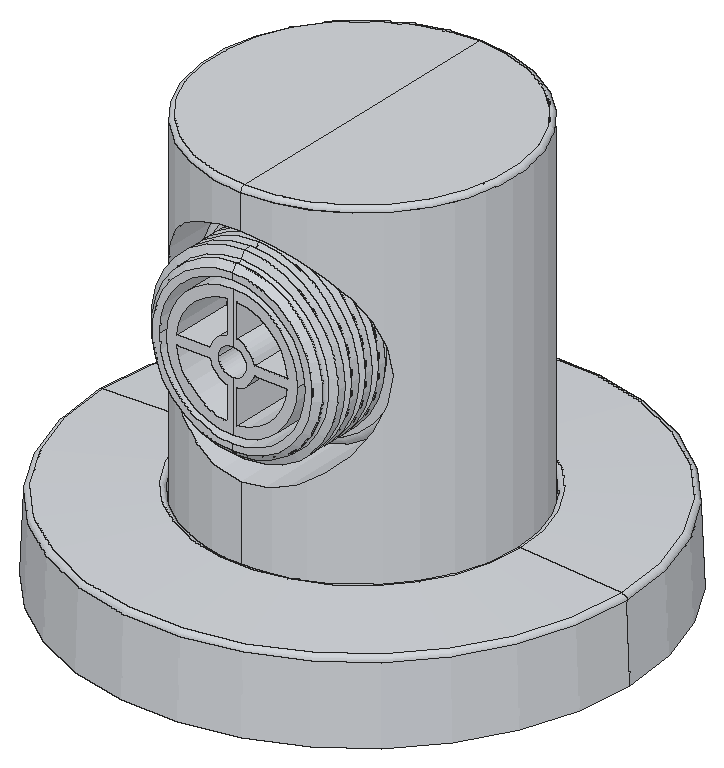
Revit family "Shower-Wall_Supply_Elbow-KOHLER-Cross_Range-8465D_1", category Plumbing Fixtures, host Face, Revit 2017
Family settings
  Host = Face
  Round Connector Dimension = Use Diameter
  Part Type = Normal
  OmniClass Number = 23.31.17.00
  OmniClass Title = Showers
  Cut with Voids When Loaded = No
  Shared = No
  Room Calculation Point = No
Parameters (values of type "CP- Polished Chrome")
  Width = 2.3622"  # constant formula
  WaterSense Certified = 1 = 0  # no
  Waste Water Outlet = "Waste Water Outlet"  # constant formula
  Waste Connection = 1 = 0  # no
  Vent Connection = 1 = 0  # no
  URL = "https://www.kohler.co.uk/"
  Type = 1
  Tempered Water Inlet = "Tempered Water Inlet"  # constant formula
  Product Page URL = "https://www.kohler.co.uk/showering/showering-accessories/cross-range-round-wall-mount-outlet-elbow/"
  Product Name = "Cross_Range"  # constant formula
  Product Documentation Link = ""
  Pressure = 0.00 psi
  Model = if(Type = 1, "8465D-CP", "NA")  # "8465D-CP"
  Material = "Brass construction"  # constant formula
  Master Format 2014 Name = "Residential Showers"  # constant formula
  Master Format 2014 = "22 42 23"  # constant formula
  Manufacturer Address = "Cromwell Road, Cheltenham, Gloucestershire. GL52 5EP Registered in England No. 252115"  # constant formula
  Manufacturer = "KOHLER Co."  # constant formula
  Length = 1.85039"  # constant formula
  Hot Water Inlet = "Hot Water Inlet"  # constant formula
  Height = 2.3622"  # constant formula
  HW Connection = 1 = 1  # yes
  Flow Rate = 0 GPM
  Finish = Kohler-Metal-CP-Polished_Chrome
  Environmental Product Declaration = ""
  Drain Included = 1 = 0  # no
  Description = "Round wall-mount outlet elbow"  # constant formula
  Default Elevation = 42"
  Declare Label = ""
  Date Modified = "03/15/2021"  # constant formula
  Date Created = "03/15/2021"  # constant formula
  Copyright = "Copyright KOHLER Co."  # constant formula
  Contact Us = "https://www.kohler.co.uk/support/contact/"
  Cold Water Inlet = "Cold Water Inlet"  # constant formula
  CW Connection = 1 = 0  # no
  Assembly Code = "D2010700"
  ADA Compliant = 1 = 0  # no
Reference planes (in)
  plane 1 "Center (Front/Back)": y = 0
  plane 2: z = 0
  plane 3 "Center (Left/Right)": x = 0
  plane 4: x = 1.1811
  plane 5: x = -1.1811
  plane 6: y = 1.1811
  plane 7: y = -0.71654
  plane 8: z = 1.85039
  plane 9: z = 1.1811
  plane 10: z = 0.37452
  plane 11: y = -1.1811
  plane 12: y = 0.66929
  plane 13: y = -0.66929
  plane 14: x = -0.66929
  plane 15: x = 0.66929
Dimensions and locks (in)
  "Width": plane 5 to plane 4
  "Height": plane 6 to plane 11
  "Length": plane 8 to level
  plane 12 to plane 13 = 1.33858"
  plane 9 to level = 1.1811"
  aligned and locked: plane 2 to host face
  aligned and locked: level to host face
  aligned and locked: plane 3 "Center (Left/Right)" to nested 1
  aligned and locked: plane 1 "Center (Front/Back)" to nested 1
Automatic sketch dimensions
  host sketch curve to host sketch curve = 96"  (x2)
Nested families (in)
  nested 1: "8465D" at (0, 0, 0), type "8465D"
Connectors (in)
  piping at (0, 0, 0), diameter 0.5, driven by "Flow Rate", driven by "HW Connection", driven by "Tempered Water Inlet"
    settings: on nested 1, index 1, connector inside diameter 24", connector length 0", flow factor 0, pipe flow 0 GPM, pressure drop 0.00 psi, fitting loss kfactor 0, connector angle 0.00°, fixture units 0, engagement length 0", angle of deflection 0.00°, flow configuration 0, flow direction 1, fitting loss method 0, system type 19, joint type 0, gender type 0, connector reference index -1, connector utility 1, adjustable connector no, is connector primary yes, connector description "Tempered Water Inlet"
Definition of nested family "8465D"
  Parameters (values of type "8465D")
    Material = none
  Reference planes (in)
    plane 1 "Center (Front/Back)": y = 0
    plane 2: z = 0
    plane 3 "Center (Left/Right)": x = 0
    plane 4: z = 1.85039
    plane 5: y = 1.1811
    plane 6: y = -1.1811
    plane 7: z = 0.37452
    plane 8: z = 1.1811
    plane 9: y = -0.66929
    plane 10: y = 0.66929
    plane 11: x = -1.1811
    plane 12: x = 1.1811
    plane 13: x = 0.66929
    plane 14: x = -0.66929
  Forms (in)
    Sweep 1, solid, material <- "Material", detail levels medium+fine
      path origin (0, 0, 0) x (1, 0, 0) y (0, 1, 0)
        loop
          circle (0, 0) r 1.1811
      profile origin (0, 1.1811, 0) x (0, -1, 0) y (0, 0, 1)
        loop
          line (0, 0) -> (0.77905, 0) -> (0.77905, 0.37452) -> (0.53475, 0.37452) -> (0.53475, 0.24169) -> (0.50212, 0.31168) -> (0.50212, 0.35422)
          arc (0.50212, 0.35422) -> (0.49617, 0.36858) -> (0.48181, 0.37452) r 0.0203
          arc (0.48181, 0.37452) -> (0.25732, 0.36974) -> (0.03323, 0.35546) r 5.3031
          arc (0.03323, 0.35546) -> (0.01811, 0.3482) -> (0.01162, 0.33274) r 0.02362
          line (0.01162, 0.33274) -> (0, 0)
    Revolve 2, solid, material <- "Material", detail levels medium+fine
      sketch origin (0, 0, 0) x (0, 1, 0) y (0, 0, 1)
        loop
          line (0.64911, 1.85039) -> (0, 1.85039) -> (0, 0.03734) -> (0.66929, 0.03734) -> (0.66929, 1.83022)
          arc (0.66929, 1.83022) -> (0.66338, 1.84448) -> (0.64911, 1.85039) r 0.02018
        axis (0, 1.85039) -> (0, 0.03734)
      angle from 0 to 360
    Revolve 3, solid, material <- "Material", detail levels medium+fine
      sketch origin (0, 0, 0) x (0, 1, 0) y (0, 0, 1)
        loop
          line (-0.34193, 1.61997) -> (-0.34193, 1.56272)
          arc (-0.34193, 1.56272) -> (-0.35354, 1.54759) -> (-0.37116, 1.55489) r 0.01566
          line (-0.37116, 1.55489) -> (-0.39401, 1.59447) -> (-0.42473, 1.59447) -> (-0.44426, 1.55775) -> (-0.46546, 1.59447) -> (-0.49618, 1.59447) -> (-0.51571, 1.55775) -> (-0.53691, 1.59447) -> (-0.57379, 1.59447) -> (-0.59331, 1.55775) -> (-0.61451, 1.59447) -> (-0.64831, 1.59447) -> (-0.66455, 1.56393)
          arc (-0.66455, 1.56393) -> (-0.67697, 1.55528) -> (-0.69125, 1.56031) r 0.01659
          line (-0.69125, 1.56031) -> (-0.71654, 1.53502) -> (-0.71654, 1.1811) -> (-0.27559, 1.1811) -> (-0.27559, 1.65424) -> (-0.30766, 1.65424)
          arc (-0.30766, 1.65424) -> (-0.33189, 1.6442) -> (-0.34193, 1.61997) r 0.03427
        axis (-0.27559, 1.1811) -> (-0.71654, 1.1811)
      angle from 0 to 360
    Extrusion 4, solid, material <- "Material", detail levels coarse
      sketch origin (0, 0, 0) x (1, 0, 0) y (0, 0, 1)
        loop
          circle (0, 1.1811) r 0.40765
      from 0.0839 to 0.71654
    Extrusion 5, solid, material <- "Material", detail levels medium+fine
      sketch origin (0, 0, 0) x (1, 0, 0) y (0, 1, 0)
        loop
          circle (0, 0) r 0.25
      from 0 to 0.03916
    Extrusion 6, void
      sketch origin (0, 0, 0) x (1, 0, 0) y (0, 0, 1)
        loop
          circle (0, 1.1811) r 0.4966
      from 0 to 1.19052
    Extrusion 7, void
      sketch origin (0, 0, 0) x (1, 0, 0) y (0, 0, 1)
        loop
          arc (-0.01969, 1.42638) -> (-0.17399, 1.3551) -> (-0.24527, 1.20079) r 0.24606
          line (-0.24527, 1.20079) -> (-0.09644, 1.20079)
          arc (-0.09644, 1.20079) -> (-0.0696, 1.2507) -> (-0.01969, 1.27754) r 0.09843
          line (-0.01969, 1.27754) -> (-0.01969, 1.42638)
        loop
          circle (0, 1.1811) r 0.06212
        loop
          circle (0, 1.1811) r 0.29013
        loop
          line (0.01969, 1.42638) -> (0.01969, 1.27754)
          arc (0.01969, 1.27754) -> (0.0696, 1.2507) -> (0.09644, 1.20079) r 0.09843
          line (0.09644, 1.20079) -> (0.24527, 1.20079)
          arc (0.24527, 1.20079) -> (0.17399, 1.3551) -> (0.01969, 1.42638) r 0.24606
        loop
          line (-0.01969, 0.93583) -> (-0.01969, 1.08467)
          arc (-0.01969, 1.08467) -> (-0.0696, 1.11151) -> (-0.09644, 1.16142) r 0.09843
          line (-0.09644, 1.16142) -> (-0.24527, 1.16142)
          arc (-0.24527, 1.16142) -> (-0.17399, 1.00711) -> (-0.01969, 0.93583) r 0.24606
        loop
          arc (0.01969, 0.93583) -> (0.17399, 1.00711) -> (0.24527, 1.16142) r 0.24606
          line (0.24527, 1.16142) -> (0.09644, 1.16142)
          arc (0.09644, 1.16142) -> (0.0696, 1.11151) -> (0.01969, 1.08467) r 0.09843
          line (0.01969, 1.08467) -> (0.01969, 0.93583)
        loop
          circle (0, 1.1811) r 0.32321
      from 0.44827 to 0.71654
    Revolve 8, solid, material <- "Material", detail levels coarse
      sketch origin (0, 0, 0) x (0, 1, 0) y (0, 0, 1)
        loop
          line (1.1811, 0) -> (1.1811, 0.37452) -> (0.66929, 0.37452) -> (0.66929, 1.85039) -> (0, 1.85039) -> (0, 0) -> (1.1811, 0)
        axis (0, 0) -> (0, 1.85039)
      angle from 0 to 360
  Cuts and joins
    Extrusion 6 cuts Revolve 2
    joined: Sweep 1, Revolve 2
    Extrusion 7 cuts Revolve 3
    Extrusion 6 cuts Revolve 8
    joined: Extrusion 4, Revolve 8
  Lines and regions (in)
    Masking region 1
      outline origin (0, 0, 0) x (1, 0, 0) y (0, 1, 0)
        loop
          circle (0, 0) r 1.1811
    Masking region 2
      outline origin (0, 0, 0) x (0, 1, 0) y (0, 0, 1)
        loop
          line (1.1811, 0) -> (1.16948, 0.33274)
          arc (1.16948, 0.33274) -> (1.16299, 0.3482) -> (1.14788, 0.35546) r 0.02362
          arc (1.14788, 0.35546) -> (0.9088, 0.37035) -> (0.66929, 0.37444) r 5.3031
          line (0.66929, 0.37444) -> (0.66929, 1.83022)
          arc (0.66929, 1.83022) -> (0.66338, 1.84448) -> (0.64911, 1.85039) r 0.02018
          line (0.64911, 1.85039) -> (-0.64911, 1.85039)
          arc (-0.64911, 1.85039) -> (-0.66338, 1.84448) -> (-0.66929, 1.83022) r 0.02018
          line (-0.66929, 1.83022) -> (-0.66929, 1.6777)
          arc (-0.66929, 1.6777) -> (-0.63927, 1.63641) -> (-0.61015, 1.59447) r 2.35537
          line (-0.61015, 1.59447) -> (-0.64831, 1.59447) -> (-0.66455, 1.56393)
          arc (-0.66455, 1.56393) -> (-0.67697, 1.55528) -> (-0.69125, 1.56031) r 0.01659
          line (-0.69125, 1.56031) -> (-0.71654, 1.53502) -> (-0.71654, 0.82719) -> (-0.69125, 0.8019)
          arc (-0.69125, 0.8019) -> (-0.67697, 0.80693) -> (-0.66455, 0.79827) r 0.01659
          line (-0.66455, 0.79827) -> (-0.64831, 0.76774) -> (-0.61015, 0.76774)
          arc (-0.61015, 0.76774) -> (-0.63927, 0.7258) -> (-0.66929, 0.6845) r 2.35537
          line (-0.66929, 0.6845) -> (-0.66929, 0.37444)
          arc (-0.66929, 0.37444) -> (-0.9088, 0.37035) -> (-1.14788, 0.35546) r 5.3031
          arc (-1.14788, 0.35546) -> (-1.16299, 0.3482) -> (-1.16948, 0.33274) r 0.02362
          line (-1.16948, 0.33274) -> (-1.1811, 0) -> (1.1811, 0)
    Masking region 3
      outline origin (0, 0, 0) x (1, 0, 0) y (0, 0, 1)
        loop
          line (-1.1811, 0) -> (1.1811, 0) -> (1.16948, 0.33274)
          arc (1.16948, 0.33274) -> (1.16299, 0.3482) -> (1.14788, 0.35546) r 0.02362
          arc (1.14788, 0.35546) -> (0.9088, 0.37035) -> (0.66929, 0.37444) r 5.3031
          line (0.66929, 0.37444) -> (0.66929, 1.83022)
          arc (0.66929, 1.83022) -> (0.66338, 1.84448) -> (0.64911, 1.85039) r 0.02018
          line (0.64911, 1.85039) -> (-0.64911, 1.85039)
          arc (-0.64911, 1.85039) -> (-0.66338, 1.84448) -> (-0.66929, 1.83022) r 0.02018
          line (-0.66929, 1.83022) -> (-0.66929, 0.37444)
          arc (-0.66929, 0.37444) -> (-0.9088, 0.37035) -> (-1.14788, 0.35546) r 5.3031
          arc (-1.14788, 0.35546) -> (-1.16299, 0.3482) -> (-1.16948, 0.33274) r 0.02362
          line (-1.16948, 0.33274) -> (-1.1811, 0)
    symbolic lines, detail levels medium+fine
      curve 1: circle (0, 0, 0) r 1.16142 normal (0, 0, 1)
      curve 2: arc (0.41336, -0.56211, 0) -> (0, 0.69774, 0) -> (-0.41336, -0.56211, 0) r 0.69774
      curve 3: circle (0, 0, 0) r 0.67021 normal (0, 0, 1)
      curve 4: circle (0, 0, 0) r 0.65245 normal (0, 0, 1)
      curve 5: line (-0.41336, -0.52755, 0) -> (-0.41336, -0.57379, 0)
      curve 6: line (-0.37665, -0.59331, 0) -> (-0.41336, -0.61451, 0)
      curve 7: line (-0.37665, -0.59331, 0) -> (-0.41336, -0.57379, 0)
      curve 8: line (-0.41336, -0.61451, 0) -> (-0.41336, -0.64831, 0)
      curve 9: line (-0.41336, -0.64831, 0) -> (-0.38286, -0.66453, 0)
      curve 10: line (-0.37921, -0.69125, 0) -> (-0.35392, -0.71654, 0)
      curve 11: arc (-0.38286, -0.66453, 0) -> (-0.3742, -0.67695, 0) -> (-0.37921, -0.69125, 0) r 0.01662
      curve 12: line (-0.35392, -0.71654, 0) -> (0.35392, -0.71654, 0)
      curve 13: line (-0.37921, -0.69125, 0) -> (0.37921, -0.69125, 0)
      curve 14: line (-0.41336, -0.64831, 0) -> (-0.16992, -0.64831, 0)
      curve 15: line (-0.41336, -0.61451, 0) -> (-0.26751, -0.61451, 0)
      curve 16: line (-0.37665, -0.59331, 0) -> (-0.31171, -0.59331, 0)
      curve 17: line (-0.41336, -0.57379, 0) -> (-0.34634, -0.57379, 0)
      curve 18: line (0.41336, -0.52755, 0) -> (0.41336, -0.57379, 0)
      curve 19: line (0.37665, -0.59331, 0) -> (0.41336, -0.61451, 0)
      curve 20: line (0.37665, -0.59331, 0) -> (0.41336, -0.57379, 0)
      curve 21: line (0.41336, -0.61451, 0) -> (0.41336, -0.64831, 0)
      curve 22: line (0.41336, -0.64831, 0) -> (0.38286, -0.66453, 0)
      curve 23: line (0.37921, -0.69125, 0) -> (0.35392, -0.71654, 0)
      curve 24: arc (0.38286, -0.66453, 0) -> (0.3742, -0.67695, 0) -> (0.37921, -0.69125, 0) r 0.01662
      curve 25: line (0.41336, -0.64831, 0) -> (0.16992, -0.64831, 0)
      curve 26: line (0.41336, -0.61451, 0) -> (0.26751, -0.61451, 0)
      curve 27: line (0.37665, -0.59331, 0) -> (0.31171, -0.59331, 0)
      curve 28: line (0.41336, -0.57379, 0) -> (0.34634, -0.57379, 0)
      curve 29: line (0, 1.14632, 0.35481) -> (0, -1.15171, 0.35481)
      curve 30: line (0, 0.66929, 0.37452) -> (0, -0.66929, 0.37452)
      curve 31: line (0, -0.46546, 1.05812) -> (0, -0.46546, 1.30408)
      curve 32: line (0, -0.49618, 0.96964) -> (0, -0.49618, 1.39256)
      curve 33: line (0, -0.51571, 0.92659) -> (0, -0.51571, 1.43562)
      curve 34: line (0, -0.53691, 0.88645) -> (0, -0.53691, 1.47576)
      curve 35: line (0, -0.57379, 0.82528) -> (0, -0.57379, 1.53692)
      curve 36: line (0, -0.59331, 0.79411) -> (0, -0.59331, 1.5681)
      curve 37: line (0, -0.6099, 0.76813) -> (0, -0.6099, 1.59407)
      curve 38: line (0, -0.64831, 0.76774) -> (0, -0.64831, 1.59447)
      curve 39: line (0, -0.69125, 0.8019) -> (0, -0.69125, 1.56031)
      curve 40: line (0, 0.66929, 1.82922) -> (0, -0.66929, 1.82922)
      curve 41: arc (0, -0.46546, 1.30408) -> (0, -0.44871, 1.18232) -> (0, -0.46546, 1.06056) r 0.45091
      curve 42: arc (0, -0.54704, 1.49312) -> (0, -0.49991, 1.40134) -> (0, -0.46546, 1.30408) r 0.77051
      curve 43: arc (0, -0.6099, 1.59407) -> (0, -0.57808, 1.54384) -> (0, -0.54704, 1.49312) r 3.85542
      curve 44: arc (0, -0.54704, 0.86908) -> (0, -0.49991, 0.96087) -> (0, -0.46546, 1.05812) r 0.77051
      curve 45: arc (0, -0.6099, 0.76813) -> (0, -0.57808, 0.81837) -> (0, -0.54704, 0.86908) r 3.85542
      curve 46: line (-1.15218, 0, 0.35468) -> (1.15218, 0, 0.35468)
      curve 47: line (0.66929, 0, 0.37452) -> (-0.66929, 0, 0.37452)
      curve 48: line (-0.66929, 0, 1.83022) -> (0.66929, 0, 1.83022)
  Dimensions and locks (in)
    aligned and locked: plane 2 to level
